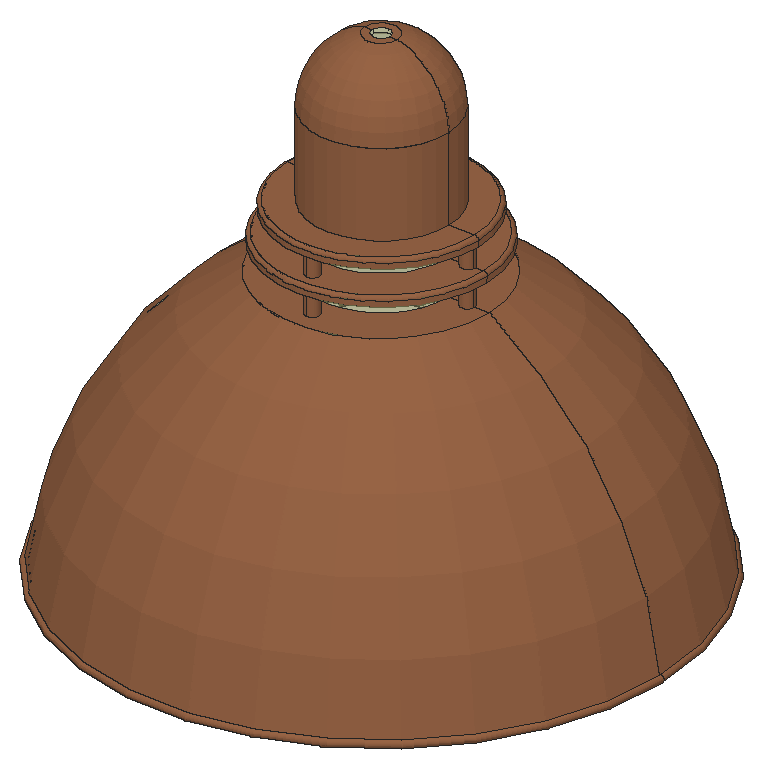
Revit family "UDR16 SHADE", category Lighting Fixtures, Revit 2024
Family settings
  Round Connector Dimension = Use Diameter
  Part Type = Normal
  OmniClass Number = 23.80.70.00
  OmniClass Title = Lighting
  Work Plane-Based = No
  Always vertical = Yes
  Cut with Voids When Loaded = No
  Light Source = Yes
  Maintain Annotation Orientation = No
  Shared = No
  Room Calculation Point = No
Parameters
  Wattage = 12.1178 W
  built-in parameter 1150110 = 1 (stored number, unit not read)
  built-in parameter 1114217 = 1 (stored number, unit not read)
  built-in parameter 1150109 = 1 (stored number, unit not read)
  built-in parameter 1150134 = (empty or 0)
  built-in parameter 1150113 = 1 (stored number, unit not read)
  Lumens = 1800 lm
  built-in parameter 1150115 = 1 (stored number, unit not read)
  built-in parameter 1150105 = 572.96 (stored number, unit not read)
  Light Source Symbol Size = 2' - 0"
  built-in parameter 1150137 = (empty or 0)
  built-in parameter 1150139 = (empty or 0)
  built-in parameter 1150112 = 1 (stored number, unit not read)
  built-in parameter 1150114 = 1 (stored number, unit not read)
  built-in parameter 1150132 = 2
  built-in parameter 1150102 = (empty or 0)
  built-in parameter 1150138 = (empty or 0)
  built-in parameter 1150107 = 3000 (stored number, unit not read)
  built-in parameter 1150106 = 5.7296 (stored number, unit not read)
  built-in parameter 1150104 = 13.8 (stored number, unit not read)
  Dimming Lamp Color Temperature Shift = (empty or 0)
  Default Elevation = 0' - 0"
  Color Filter = 16777215
  built-in parameter 1114218 = 1 (stored number, unit not read)
  built-in parameter 1150133 = 10 (stored number, unit not read)
Reference planes (in)
  plane 1 "Light Source Axis (F/B)": y = 0
  plane 2: z = 0
  plane 3 "Light Source Axis (L/R)": x = 0
  plane 4 "Light Source Elevation": z = 83.94567
Forms (in)
  Revolve 1, solid
    sketch origin (0, 0, 0) x (1, 0, 0) y (0, 0, 1)
      loop
        line (-0.25, 97.63808) -> (-0.4635, 97.63808)
        arc (-0.4635, 97.63808) -> (-1.5051, 96.96109) -> (-1.91, 95.78665) r 1.91
        line (-1.91, 95.78665) -> (-1.91, 93.44518) -> (-2.65, 93.44518)
        arc (-2.65, 93.44518) -> (-2.72071, 93.41589) -> (-2.75, 93.34518) r 0.1
        line (-2.75, 93.34518) -> (-2.75, 93.19518) -> (-2.65625, 93.19518) -> (-2.65625, 93.35143) -> (-1.81625, 93.35143) -> (-1.81625, 95.78661)
        arc (-1.81625, 95.78661) -> (-1.43472, 96.89889) -> (-0.4518, 97.54433) r 1.81625
        line (-0.4518, 97.54433) -> (-0.25, 97.54433) -> (-0.25, 97.63808)
      loop
        line (-1.91, 92.61973) -> (-2.89999, 92.61973)
        arc (-2.89999, 92.61973) -> (-2.9707, 92.59044) -> (-2.99999, 92.51973) r 0.1
        line (-2.99999, 92.51973) -> (-2.99999, 92.36842) -> (-2.90624, 92.36842) -> (-2.90624, 92.52598) -> (-1.91, 92.52598) -> (-1.91, 92.61973)
      loop
        line (-1.91, 91.61842) -> (-3.07378, 91.61842)
        arc (-3.07378, 91.61842) -> (-6.35611, 88.44342) -> (-7.90003, 84.14567) r 10.07723
        arc (-7.90003, 84.14567) -> (-7.95152, 83.95995) -> (-7.81175, 84.09264) r 0.1
        arc (-7.81175, 84.09264) -> (-6.29584, 88.36383) -> (-3.04775, 91.52467) r 9.98348
        line (-3.04775, 91.52467) -> (-1.91, 91.52467) -> (-1.91, 91.61842)
      loop
        line (-1.6, 93.73821) -> (-1.6, 89.98821)
        arc (-1.6, 89.98821) -> (-1.13137, 88.85684) -> (0, 88.38821) r 1.6
        line (0, 88.38821) -> (0, 88.48196)
        arc (0, 88.48196) -> (-1.06508, 88.92313) -> (-1.50625, 89.98821) r 1.50625
        line (-1.50625, 89.98821) -> (-1.50625, 93.73821) -> (-1.6, 93.73821)
      axis (0, 97.63808) -> (0, 84.09264)
    angle from 0 to 360
  Sweep 2, solid
    path origin (0, 0, 0) x (1, 0, 0) y (0, 0, 1)
      loop
        line (-2.44503, 91.61842) -> (-2.44503, 93.35143)
    profile origin (-2.44503, 0, 92.48492) x (-1, 0, 0) y (0, -1, 0)
      loop
        circle (0, 0) r 0.1875
  Sweep 3, solid
    path origin (0, 0, 0) x (0, -1, 0) y (0, 0, 1)
      loop
        line (-2.44503, 91.61842) -> (-2.44503, 93.35143)
    profile origin (0, 2.44503, 92.48492) x (0, 1, 0) y (-1, 0, 0)
      loop
        circle (0, 0) r 0.1875
  Sweep 4, solid
    path origin (0, 0, 0) x (0, 1, 0) y (0, 0, 1)
      loop
        line (-2.44503, 91.61842) -> (-2.44503, 93.35143)
    profile origin (0, -2.44503, 92.48492) x (0, -1, 0) y (1, 0, 0)
      loop
        circle (0, 0) r 0.1875
  Sweep 5, solid
    path origin (0, 0, 0) x (-1, 0, 0) y (0, 0, 1)
      loop
        line (-2.44503, 91.61842) -> (-2.44503, 93.35143)
    profile origin (2.44503, 0, 92.48492) x (1, 0, 0) y (0, 1, 0)
      loop
        circle (0, 0) r 0.1875
Dimensions and locks (in)
  aligned and locked: plane 1 "Light Source Axis (F/B)" to imposter light
  aligned and locked: plane 4 "Light Source Elevation" to imposter light
  aligned and locked: level to plane 2
